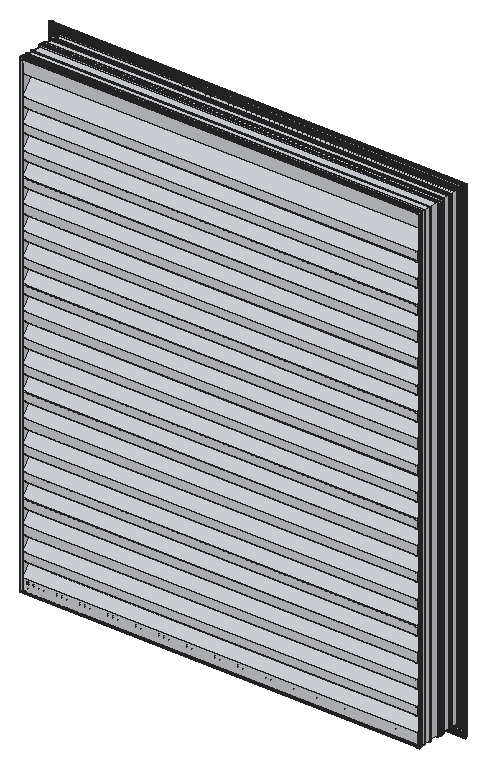
Revit family "NLRS_00_GM_Geluiddempend muurrooster_ST-448-300_Storax", category Generic Models, Revit 2021
Family settings
  Can host rebar = No
  Round Connector Dimension = Use Diameter
  Part Type = Normal
  Work Plane-Based = Yes
  Always vertical = No
  Cut with Voids When Loaded = Yes
  Shared = No
  Room Calculation Point = No
Parameters
  Width Rooster [instance] = (Width Hulp - Rooster Start - Rooster End)  # 2472 mm
  Width Hulp [instance] = if(Width < 200 mm, 200 mm, Width)  # 2500 mm
  Width [instance] = 2500 mm
  Type Comments = "ST-445-86"
  Thickness wall = 505 mm
  Thickness = 7.26 mm
  Rooster Start = 14 mm
  Rooster End = Rooster Start  # 14 mm
  WARNING [instance] = if(Blade Spacing > 150 mm, "LET OP MAXIMALE AFSTAND OVERSCHREDEN, NEEM CONTACT OP MET STORAX", "")  # ""
  Length Hoekprofiel [instance] = Width - Thickness * 2  # 2485.479 mm
  Height Rooster [instance] = (Height Hulp - 150 mm)  # 2850 mm
  Height Hulp [instance] = if(Height < 328.5 mm, 328.5 mm, Height)  # 3000 mm
  Height [instance] = 3000 mm
  Default Elevation = 1219.2 mm
  Blade Spacing = 150 mm
  Blade Offset Bottom = 11 mm
  Blade Number MODIFIER [instance] = -1
Reference planes
  plane 1 "Center (Front/Back)": y = 0
  plane 2 "Bottom": z = 0
  plane 3 "Left": x = 0
  plane 4 "Right": x = 2500
  plane 5: x = 14
  plane 6: x = 2486
  plane 7 "Top": z = 3000
Forms (mm)
  Sweep 1, solid
    path origin (0, 0, 0) x (1, 0, 0) y (0, 0, 1)
      loop
        line (0, 3000) -> (0, 0) -> (2500, 0) -> (2500, 3000) -> (0, 3000)
    profile "Profiel_ST-446-300 : Profiel_ST-446-300" origin (1250, 0, 3000) x (0, 0, 1) y (0, -1, 0)
      loop
        line (-1, 43.9) -> (-5.4, 43.9) -> (-5.4, 59.25) -> (-1, 59.25)
        arc (-1, 59.25) -> (-0.293, 59.543) -> (0, 60.25) r 1
        line (0, 60.25) -> (0, 62.85)
        arc (0, 62.85) -> (-0.293, 63.557) -> (-1, 63.85) r 1
        line (-1, 63.85) -> (-1.9, 63.85) -> (-1.9, 61.15) -> (-5.4, 61.15) -> (-5.4, 103.15) -> (-1.9, 103.15) -> (-1.9, 100.45) -> (-1, 100.45)
        arc (-1, 100.45) -> (-0.293, 100.743) -> (0, 101.45) r 1
        line (0, 101.45) -> (0, 104.05)
        arc (0, 104.05) -> (-0.293, 104.757) -> (-1, 105.05) r 1
        line (-1, 105.05) -> (-5.4, 105.05) -> (-5.4, 121.8) -> (1.036, 121.8)
        arc (1.036, 121.8) -> (1.744, 122.093) -> (2.036, 122.8) r 1
        line (2.036, 122.8) -> (2.036, 132.5)
        arc (2.036, 132.5) -> (1.636, 132.9) -> (2.036, 133.3) r 0.4
        line (2.036, 133.3) -> (2.036, 146)
        arc (2.036, 146) -> (1.744, 146.707) -> (1.036, 147) r 1
        line (1.036, 147) -> (-5.4, 147) -> (-5.4, 206.309) -> (-0.96, 206.309)
        arc (-0.96, 206.309) -> (-0.253, 206.602) -> (0.04, 207.309) r 1
        line (0.04, 207.309) -> (0.04, 209.909)
        arc (0.04, 209.909) -> (-0.253, 210.616) -> (-0.96, 210.909) r 1
        line (-0.96, 210.909) -> (-1.86, 210.909) -> (-1.86, 208.209) -> (-5.36, 208.209) -> (-5.36, 250.209) -> (-1.86, 250.209) -> (-1.86, 247.509) -> (-0.96, 247.509)
        arc (-0.96, 247.509) -> (-0.253, 247.802) -> (0.04, 248.509) r 1
        line (0.04, 248.509) -> (0.04, 251.109)
        arc (0.04, 251.109) -> (-0.253, 251.816) -> (-0.96, 252.109) r 1
        line (-0.96, 252.109) -> (-5.36, 252.109) -> (-5.36, 274.7) -> (-1.96, 274.7) -> (-1.96, 273.881)
        arc (-1.96, 273.881) -> (-1.684, 273.282) -> (-1.048, 273.104) r 0.787
        arc (-1.048, 273.104) -> (-0.285, 273.363) -> (0.04, 274.1) r 1
        line (0.04, 274.1) -> (0.04, 277.6)
        arc (0.04, 277.6) -> (-0.253, 278.307) -> (-0.96, 278.6) r 1
        line (-0.96, 278.6) -> (-1.86, 278.6) -> (-1.86, 276.6) -> (-5.36, 276.6) -> (-5.36, 287.2) -> (-1.86, 287.2) -> (-1.86, 285.2) -> (-0.96, 285.2)
        arc (-0.96, 285.2) -> (-0.253, 285.493) -> (0.04, 286.2) r 1
        line (0.04, 286.2) -> (0.04, 293.1)
        arc (0.04, 293.1) -> (-0.294, 293.846) -> (-1.073, 294.094) r 1
        arc (-1.073, 294.094) -> (-1.553, 293.954) -> (-1.76, 293.5) r 0.6
        line (-1.76, 293.5) -> (-1.76, 289.1) -> (-5.76, 289.1) -> (-5.76, 291.734)
        arc (-5.76, 291.734) -> (-5.76, 293.466) -> (-7.26, 292.6) r 1
        line (-7.26, 292.6) -> (-7.26, -10.8) -> (51.437, -10.8)
        arc (51.437, -10.8) -> (52.01, -10.619) -> (52.376, -10.142) r 1
        line (52.376, -10.142) -> (54.714, -3.719) -> (53.825, 1.326) -> (52.953, 1.188)
        arc (52.953, 1.188) -> (52.295, 0.781) -> (52.125, 0.026) r 1
        line (52.125, 0.026) -> (52.464, -1.9) -> (48.072, -1.9)
        arc (48.072, -1.9) -> (47.342, -2.217) -> (47.074, -2.967) r 1
        arc (47.074, -2.967) -> (46.991, -3.504) -> (47.447, -3.8) r 0.5
        line (47.447, -3.8) -> (52.663, -3.8) -> (50.806, -8.9) -> (36.349, -8.9) -> (36.349, -4.4) -> (37.551, -4.4)
        arc (37.551, -4.4) -> (38.007, -4.104) -> (37.924, -3.567) r 0.5
        arc (37.924, -3.567) -> (37.657, -2.817) -> (36.926, -2.5) r 1
        line (36.926, -2.5) -> (35.449, -2.5)
        arc (35.449, -2.5) -> (34.74, -2.794) -> (34.449, -3.504) r 1
        line (34.449, -3.504) -> (34.454, -4.8) -> (32.944, -4.8) -> (32.944, -6.7) -> (34.454, -6.7) -> (34.449, -8.9) -> (18.149, -8.9) -> (18.154, -6.7) -> (19.644, -6.7) -> (19.644, -4.8) -> (18.154, -4.8) -> (18.149, -1.5)
        arc (18.149, -1.5) -> (17.709, -0.439) -> (16.649, 0) r 1.5
        line (16.649, 0) -> (12.849, 0)
        arc (12.849, 0) -> (12.142, -0.293) -> (11.849, -1) r 1
        line (11.849, -1) -> (11.849, -1.9) -> (16.249, -1.9) -> (16.249, -8.9) -> (-5.4, -8.9) -> (-5.4, -2.9)
        arc (-5.4, -2.9) -> (-5.107, -2.193) -> (-4.4, -1.9) r 1
        line (-4.4, -1.9) -> (3.749, -1.9) -> (3.749, -1)
        arc (3.749, -1) -> (3.456, -0.293) -> (2.749, 0) r 1
        line (2.749, 0) -> (0, 0) -> (0, 1.7)
        arc (0, 1.7) -> (-0.293, 2.407) -> (-1, 2.7) r 1
        line (-1, 2.7) -> (-1.9, 2.7) -> (-1.9, 0) -> (-5.4, 0) -> (-5.4, 42) -> (-1.9, 42) -> (-1.9, 39.3) -> (-1, 39.3)
        arc (-1, 39.3) -> (-0.293, 39.593) -> (0, 40.3) r 1
        line (0, 40.3) -> (0, 42.9)
        arc (0, 42.9) -> (-0.293, 43.607) -> (-1, 43.9) r 1
  Extrusion 2, solid
    sketch origin (654, -75, 22.894) x (0, 0, 1) y (0, -1, 0)
      loop
        line (-7.587, -78.9) -> (162.427, 63.2) -> (-8.783, 206.3) -> (-15.634, 206.3) -> (-15.634, -78.9) -> (-7.587, -78.9)
    from -646.74 to 1838.74
  Extrusion 3, void
    sketch origin (654, -75, 22.894) x (0, 0, 1) y (0, -1, 0)
      loop
        line (2977.106, 430) -> (-22.894, 430) -> (-22.894, -75) -> (2977.106, -75) -> (2977.106, 430)
    from -654 to 1846
  Extrusion 4, void
    sketch origin (0, 0, 0) x (1, 0, 0) y (0, 1, 0)
      loop
        line (0, 0) -> (0, -505) -> (2500, -505) -> (2500, 0) -> (0, 0)
    from 0 to 3000
Cuts and joins
  Extrusion 3, Extrusion 4 cuts Extrusion 2
Dimensions and locks
  "Width": plane 4 "Right" to plane 3 "Left"
  "Rooster Start": plane 5 to plane 3 "Left"
  "Rooster End": plane 4 "Right" to plane 6
  "Height Hulp": plane 7 "Top" to level
  Sweep 1 to Sweep 1 = 2485.479 mm
  "Thickness": Sweep 1 to level
  "Thickness wall": Extrusion 3 sketch curve to plane 1 "Center (Front/Back)"
  "Thickness wall": plane 1 "Center (Front/Back)" to Extrusion 4 sketch curve
  aligned and locked: Sweep 1 to nested 1  (x2)
  aligned and locked: nested 2 to Sweep 1  (x3)
  aligned and locked: Extrusion 2 to Sweep 1  (x3)
  aligned and locked: Sweep 1 to Sweep 1
  aligned and locked: plane 4 "Right" to Extrusion 3
  aligned and locked: Extrusion 3 to plane 3 "Left"
  aligned and locked: Extrusion 3 to level
  aligned and locked: Extrusion 3 to Sweep 1
  aligned and locked: Extrusion 4 to plane 1 "Center (Front/Back)"
  aligned and locked: Extrusion 4 to plane 3 "Left"
  aligned and locked: plane 4 "Right" to Extrusion 4
  aligned and locked: plane 7 "Top" to Extrusion 3
  aligned and locked: Extrusion 4 to Sweep 1
  aligned and locked: Extrusion 4 to level
  aligned and locked: nested 4 to plane 5
  aligned and locked: nested 5 to plane 5
  aligned and locked: plane 5 to nested 3
  aligned and locked: nested 5 to plane 6
  aligned and locked: plane 6 to nested 3
  aligned and locked: cut or joined group of Extrusion 2, Extrusion 3, Extrusion 4 to nested 1
  aligned and locked: Sweep 1 to nested 6  (x2)
Automatic sketch dimensions
  Sweep 1 sketch curve to level = 0 mm
  Sweep 1 sketch curve to plane 3 "Left" = 0 mm
  Sweep 1 sketch curve to plane 4 "Right" = 0 mm
  Sweep 1 sketch curve to plane 7 "Top" = 0 mm
  Extrusion 2 sketch curve to Extrusion 2 sketch curve = 6.851 mm
  plane 1 "Center (Front/Back)" to Extrusion 2 sketch curve = 138.2 mm
  Extrusion 2 sketch curve to Extrusion 2 sketch curve = 285.2 mm
  Extrusion 2 sketch curve to Extrusion 2 sketch curve = 8.047 mm
  Extrusion 2 sketch curve to plane 1 "Center (Front/Back)" = 3.9 mm
  level to Extrusion 2 sketch curve = 7.26 mm
  level to Extrusion 2 sketch curve = 185.321 mm
  Extrusion 3 sketch curve to level = 0 mm
  Extrusion 3 sketch curve to plane 7 "Top" = 0 mm
  Extrusion 3 sketch curve to plane 1 "Center (Front/Back)" = 0 mm
  Extrusion 4 sketch curve to plane 3 "Left" = 0 mm
  Extrusion 4 sketch curve to plane 4 "Right" = 0 mm
  plane 1 "Center (Front/Back)" to Extrusion 4 sketch curve = 0 mm
Nested families
  nested 1: "NLRS_00_GM_Hoekprofiel 20x20x2" at (2492.74, 5.9, 7.26) x (-1, 0, 0) z (0, 0, 1), Length <- "Length Hoekprofiel", type "NLRS_00_GM_Hoekprofiel 20x20x2"
    with Length 2485.479 mm
  nested 2: "NLRS_00_GM_Hoekprofiel 80x20x2" at (2492.74, 6.9, 2992.74) x (-1, 0, 0) z (0, 0, -1), Length <- "Length Hoekprofiel", type "NLRS_00_GM_Hoekprofiel 80x20x2"
    with Length 2485.479 mm
  nested 3: "NLRS_21_GM_Lamellenrooster_ST-448-150" at (1250, -291.094, 174.803) x (0, 1, 0) z (0, 0, 1), Blade Spacing <- "Blade Spacing", Blade Number MODIFIER <- "Blade Number MODIFIER", Length <- "Height Rooster", Width <- "Width Rooster", type "NLRS_21_GM_Lamellenrooster_ST-448-150"
    with Width 2472 mm, Length 2850 mm, Blade Spacing 150 mm, Blade Number MODIFIER -1, Blade Number 18
  nested 4: "NLRS_00_GM_Hoekprofiel 20x20x2" at (2499.479, -289.194, 7.26) x (-1, 0, 0) z (0, 0, 1), Length <- "Length Hoekprofiel", type "NLRS_00_GM_Hoekprofiel 20x20x2"
    with Length 2485.479 mm
  nested 5: "NLRS_21_GM_Lamellenrooster_ST-448-150" at (1250, 7.8, 174.803) x (0, -1, 0) z (0, 0, 1), Blade Spacing <- "Blade Spacing", Blade Number MODIFIER <- "Blade Number MODIFIER", Length <- "Height Rooster", Width <- "Width Rooster", type "NLRS_21_GM_Lamellenrooster_ST-448-150"
    with Width 2472 mm, Length 2850 mm, Blade Spacing 150 mm, Blade Number MODIFIER -1, Blade Number 18
  nested 6: "NLRS_00_GM_Hoekprofiel 80x20x2" at (2492.74, -288.7, 2992.74) x (-1, 0, 0) z (0, 0, -1), Length <- "Length Hoekprofiel", type "NLRS_00_GM_Hoekprofiel 80x20x2"
    with Length 2485.479 mm
Definition of nested family "NLRS_00_GM_Hoekprofiel 20x20x2"
  Parameters (values of type "NLRS_00_GM_Hoekprofiel 20x20x2")
    Length [instance] = 250 mm
    Default Elevation = 1219.2 mm
  Reference planes
    plane 1 "Center (Front/Back)": y = 0
    plane 2: z = 0
    plane 3 "Center (Left/Right)": x = 0
  Forms (mm)
    Extrusion 1, solid
      sketch origin (0, 0, 0) x (0, 1, 0) y (0, 0, 1)
        loop
          line (0, 22) -> (-2, 22) -> (-2, 2) -> (-20, 2) -> (-20, 0) -> (0, 0) -> (0, 22)
      from 0 to 250
  Dimensions and locks
    "Length": plane 3 "Center (Left/Right)" to Extrusion 1
    aligned and locked: level to plane 2
  Automatic sketch dimensions
    Extrusion 1 sketch curve to level = 0 mm
    Extrusion 1 sketch curve to plane 1 "Center (Front/Back)" = 0 mm
    plane 1 "Center (Front/Back)" to Extrusion 1 sketch curve = 2 mm
    Extrusion 1 sketch curve to Extrusion 1 sketch curve = 18 mm
    level to Extrusion 1 sketch curve = 2 mm
    Extrusion 1 sketch curve to Extrusion 1 sketch curve = 20 mm
Definition of nested family "NLRS_00_GM_Hoekprofiel 80x20x2"
  Parameters (values of type "NLRS_00_GM_Hoekprofiel 80x20x2")
    Length [instance] = 250 mm
    Default Elevation = 1219.2 mm
  Reference planes
    plane 1 "Center (Front/Back)": y = 0
    plane 2: z = 0
    plane 3 "Center (Left/Right)": x = 0
  Forms (mm)
    Extrusion 1, solid
      sketch origin (0, 0, 0) x (0, 1, 0) y (0, 0, 1)
        loop
          line (0, 80) -> (-2, 80) -> (-2, 2) -> (-20, 2) -> (-20, 0) -> (0, 0) -> (0, 80)
      from 0 to 250
  Dimensions and locks
    "Length": plane 3 "Center (Left/Right)" to Extrusion 1
    Extrusion 1 to level = 80 mm
    aligned and locked: level to plane 2
  Automatic sketch dimensions
    Extrusion 1 sketch curve to level = 0 mm
    Extrusion 1 sketch curve to plane 1 "Center (Front/Back)" = 0 mm
    plane 1 "Center (Front/Back)" to Extrusion 1 sketch curve = 2 mm
    Extrusion 1 sketch curve to Extrusion 1 sketch curve = 18 mm
    level to Extrusion 1 sketch curve = 2 mm
    Extrusion 1 sketch curve to Extrusion 1 sketch curve = 78 mm
Definition of nested family "NLRS_21_GM_Lamellenrooster_ST-448-150"
  Parameters (values of type "NLRS_21_GM_Lamellenrooster_ST-448-150")
    Width [instance] = 600 mm
    Length [instance] = 1000 mm
    Default Elevation = 0 mm
    Blade Spacing [instance] = 150 mm
    Blade Number MODIFIER [instance] = 0
    Blade Number [instance] = (Length / Blade Spacing) + Blade Number MODIFIER  # 7
  Reference planes
    plane 1 "Center (Front/Back)": y = 0
    plane 2: z = 0
    plane 3 "Center (Left/Right)": x = 0
    plane 4: z = 1000
    plane 5: z = 0
    plane 6: z = 0
    plane 7: z = 150
    plane 8: z = 150
    plane 9: z = 300
    plane 10: z = 300
    plane 11: z = 450
    plane 12: z = 450
    plane 13: z = 600
    plane 14: z = 600
    plane 15: z = 750
    plane 16: z = 750
    plane 17: z = 900
    plane 18: z = 900
    plane 19: z = 1050
  Dimensions and locks
    "Length": plane 4 to level
    equal spacing: group 1, group 2, group 3, group 4, group 5, group 6, group 7  (x3)
    "Blade Spacing": plane 8 to level
    aligned and locked: level to plane 2
  Nested families
    nested 1: "NLRS_00_GM_PRF_Rooster 150" at (0, 0, 0) x (0, -1, 0) z (0, 0, 1), Width <- "Width", type "NLRS_00_GM_PRF_Rooster"
      with Width 600 mm, Length 500 mm
    nested 2: "NLRS_00_GM_PRF_Rooster 150" at (0, 0, 150) x (0, -1, 0) z (0, 0, 1), Width <- "Width", type "NLRS_00_GM_PRF_Rooster"
      with Width 600 mm, Length 500 mm
    nested 3: "NLRS_00_GM_PRF_Rooster 150" at (0, 0, 300) x (0, -1, 0) z (0, 0, 1), Width <- "Width", type "NLRS_00_GM_PRF_Rooster"
      with Width 600 mm, Length 500 mm
    nested 4: "NLRS_00_GM_PRF_Rooster 150" at (0, 0, 450) x (0, -1, 0) z (0, 0, 1), Width <- "Width", type "NLRS_00_GM_PRF_Rooster"
      with Width 600 mm, Length 500 mm
    nested 5: "NLRS_00_GM_PRF_Rooster 150" at (0, 0, 600) x (0, -1, 0) z (0, 0, 1), Width <- "Width", type "NLRS_00_GM_PRF_Rooster"
      with Width 600 mm, Length 500 mm
    nested 6: "NLRS_00_GM_PRF_Rooster 150-ACS" at (0, 0, -163.944) x (0, -1, 0) z (0, 0, 1), Width <- "Width", type "NLRS_00_GM_PRF_Rooster"
      with Width 600 mm, Length 500 mm
    nested 7: "NLRS_00_GM_PRF_Rooster 150" at (0, 0, 750) x (0, -1, 0) z (0, 0, 1), Width <- "Width", type "NLRS_00_GM_PRF_Rooster"
      with Width 600 mm, Length 500 mm
    nested 8: "NLRS_00_GM_PRF_Rooster 150" at (0, 0, 900) x (0, -1, 0) z (0, 0, 1), Width <- "Width", type "NLRS_00_GM_PRF_Rooster"
      with Width 600 mm, Length 500 mm
  Definition of nested family "NLRS_00_GM_PRF_Rooster 150"
    Parameters (values of type "NLRS_00_GM_PRF_Rooster")
      Width [instance] = 900 mm
      Length [instance] = 500 mm
      Default Elevation = 0 mm
      Connector width = 232.51 mm
    Reference planes
      plane 1 "Center (Front/Back)": y = 0
      plane 2: z = 0
      plane 3 "Center (Left/Right)": x = 0
      plane 4: x = -450
      plane 5: x = 450
    Forms (mm)
      Sweep 1, solid
        path origin (0, 0, 0) x (1, 0, 0) y (0, 1, 0)
          loop
            line (450, 0) -> (-450, 0)
        profile "NLRS_00_GM_PRF_ST-448-150 : NLRS_00_GM_PRF_Akoestische Rooster" origin (0, 0, 0) x (0, -1, 0) y (0, 0, 1)
          loop
            line (0, 52.19) -> (0, 0.5)
            arc (0, 0.5) -> (0.259, 0.062) -> (0.767, 0.077) r 0.5
            line (0.767, 0.077) -> (1.9, 0.793) -> (1.9, 2.096)
            arc (1.9, 2.096) -> (2.099, 2.495) -> (2.537, 2.577) r 0.5
            arc (2.537, 2.577) -> (3.996, 2.477) -> (5.368, 2.982) r 3.5
            line (5.368, 2.982) -> (29.703, 18.345) -> (36.681, 26.661) -> (35.225, 27.882) -> (131.713, 142.872) -> (133.169, 141.651) -> (147.117, 158.274) -> (145.891, 159.302) -> (140.883, 153.333)
            arc (140.883, 153.333) -> (140.329, 153.185) -> (140, 153.655) r 0.5
            line (140, 153.655) -> (140, 163.171) -> (146.532, 170.956)
            arc (146.532, 170.956) -> (146.879, 171.557) -> (147, 172.241) r 2
            line (147, 172.241) -> (147, 219.899)
            arc (147, 219.899) -> (145.026, 222.718) -> (141.702, 221.828) r 3
            line (141.702, 221.828) -> (0.491, 53.539)
            arc (0.491, 53.539) -> (0.127, 52.908) -> (0, 52.19) r 2.1
    Dimensions and locks
      equal spacing: plane 5, plane 3 "Center (Left/Right)", plane 4
      "Width": plane 5 to plane 4
      aligned and locked: level to plane 2
      aligned and locked: plane 4 to Sweep 1 sketch curve
      aligned and locked: plane 5 to Sweep 1 sketch curve
    Automatic sketch dimensions
      plane 1 "Center (Front/Back)" to Sweep 1 sketch curve = 0 mm
  Definition of nested family "NLRS_00_GM_PRF_Rooster 150-ACS"
    Parameters (values of type "NLRS_00_GM_PRF_Rooster")
      Width [instance] = 900 mm
      Length [instance] = 500 mm
      Default Elevation = 0 mm
      Connector width = 232.51 mm
    Reference planes
      plane 1 "Center (Front/Back)": y = 0
      plane 2: z = 0
      plane 3 "Center (Left/Right)": x = 0
      plane 4: x = -450
      plane 5: x = 450
    Forms (mm)
      Sweep 1, solid
        path origin (0, 0, 0) x (1, 0, 0) y (0, 1, 0)
          loop
            line (450, 0) -> (-450, 0)
        profile "NLRS_00_GM_PRF_Akoestische Rooster : NLRS_00_GM_PRF_Akoestische Rooster" origin (0, 0, 0) x (0, -1, 0) y (0, 0, 1)
          loop
            line (0.883, 0.179) -> (1.9, 1.391) -> (1.9, 18.276)
            arc (1.9, 18.276) -> (2.099, 18.675) -> (2.538, 18.757) r 0.5
            arc (2.538, 18.757) -> (4.524, 18.775) -> (6.181, 19.872) r 3.5
            line (6.181, 19.872) -> (18.477, 34.525) -> (26.542, 34.525)
            arc (26.542, 34.525) -> (26.995, 34.237) -> (26.925, 33.704) r 0.5
            line (26.925, 33.704) -> (22.149, 28.012) -> (23.375, 26.984) -> (147.117, 174.454) -> (145.891, 175.482) -> (140.883, 169.513)
            arc (140.883, 169.513) -> (140.329, 169.365) -> (140, 169.835) r 0.5
            line (140, 169.835) -> (140, 179.351) -> (146.532, 187.136)
            arc (146.532, 187.136) -> (146.879, 187.737) -> (147, 188.421) r 2
            line (147, 188.421) -> (147, 236.079)
            arc (147, 236.079) -> (145.026, 238.898) -> (141.702, 238.008) r 3
            line (141.702, 238.008) -> (0, 69.134) -> (0, 0.5)
            arc (0, 0.5) -> (0.329, 0.03) -> (0.883, 0.179) r 0.5
    Dimensions and locks
      equal spacing: plane 5, plane 3 "Center (Left/Right)", plane 4
      "Width": plane 5 to plane 4
      aligned and locked: level to plane 2
      aligned and locked: plane 4 to Sweep 1 sketch curve
      aligned and locked: plane 5 to Sweep 1 sketch curve
    Automatic sketch dimensions
      plane 1 "Center (Front/Back)" to Sweep 1 sketch curve = 0 mm
